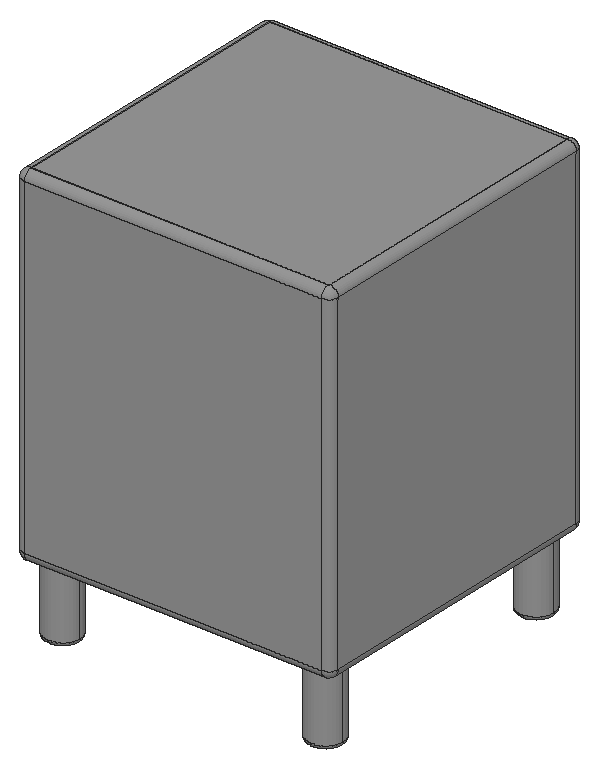
Revit family "990H Square Stool", category Generic Models, Revit 2018
Family settings
  Can host rebar = No
  Round Connector Dimension = Use Diameter
  Part Type = Normal
  Work Plane-Based = No
  Always vertical = Yes
  Cut with Voids When Loaded = No
  Shared = No
  Room Calculation Point = No
Parameters
  Fabric = 990H Fabric
Reference planes (in)
  plane 1 "Center (Front/Back)": y = 0
  plane 2: z = 0
  plane 3 "Center (Left/Right)": x = 0
Forms (in)
  Extrusion 1, solid, material "990H Fabric" <- "Fabric"
    sketch origin (0, 0, 0) x (1, 0, 0) y (0, 1, 0)
      loop
        arc (-8.48027, 8.5) -> (-8.49422, 8.49422) -> (-8.5, 8.48027) r 0.01973
        line (-8.5, 8.48027) -> (-8.5, -8.48027)
        arc (-8.5, -8.48027) -> (-8.49422, -8.49422) -> (-8.48027, -8.5) r 0.01973
        line (-8.48027, -8.5) -> (8.48027, -8.5)
        arc (8.48027, -8.5) -> (8.49422, -8.49422) -> (8.5, -8.48027) r 0.01973
        line (8.5, -8.48027) -> (8.5, 8.48027)
        arc (8.5, 8.48027) -> (8.49422, 8.49422) -> (8.48027, 8.5) r 0.01973
        line (8.48027, 8.5) -> (-8.48027, 8.5)
    from 4 to 24
  Sweep 2, solid, material "990H Fabric" <- "Fabric"
    path origin (0, 0, 0) x (1, 0, 0) y (0, 1, 0)
      loop
        line (-8.48027, -8.5) -> (8.48027, -8.5)
        arc (8.48027, -8.5) -> (8.49422, -8.49422) -> (8.5, -8.48027) r 0.01973
        line (8.5, -8.48027) -> (8.5, 8.48027)
        arc (8.5, 8.48027) -> (8.49422, 8.49422) -> (8.48027, 8.5) r 0.01973
        line (8.48027, 8.5) -> (-8.48027, 8.5)
        arc (-8.48027, 8.5) -> (-8.49422, 8.49422) -> (-8.5, 8.48027) r 0.01973
        line (-8.5, 8.48027) -> (-8.5, -8.48027)
        arc (-8.5, -8.48027) -> (-8.49422, -8.49422) -> (-8.48027, -8.5) r 0.01973
    profile origin (0, -8.5, 0) x (0, 1, 0) y (0, 0, 1)
      loop
        line (0, 4) -> (0, 24)
        arc (0, 24) -> (-0.35355, 23.85355) -> (-0.5, 23.5) r 0.5
        line (-0.5, 23.5) -> (-0.5, 4.5)
        arc (-0.5, 4.5) -> (-0.35355, 4.14645) -> (0, 4) r 0.5
  Revolve 3, solid, material "990L Legs"
    sketch origin (0, -7.5, 0) x (1, 0, 0) y (0, 0, 1)
      loop
        line (-7.5, 4) -> (-7.5, 0) -> (-6.7, 0)
        arc (-6.7, 0) -> (-6.55858, 0.05858) -> (-6.5, 0.2) r 0.2
        line (-6.5, 0.2) -> (-6.5, 4) -> (-7.5, 4)
      axis (-7.5, 4) -> (-7.5, 0)
    angle from 0 to 360
  Revolve 4, solid, material "990L Legs"
    sketch origin (0, 7.5, 0) x (1, 0, 0) y (0, 0, -1)
      loop
        line (-7.5, -4) -> (-6.5, -4) -> (-6.5, -0.2)
        arc (-6.5, -0.2) -> (-6.55858, -0.05858) -> (-6.7, 0) r 0.2
        line (-6.7, 0) -> (-7.5, 0) -> (-7.5, -4)
      axis (-7.5, -4) -> (-7.5, 0)
    angle from 0 to 360
  Revolve 5, solid, material "990L Legs"
    sketch origin (0, 7.5, 0) x (-1, 0, 0) y (0, 0, 1)
      loop
        line (-7.5, 4) -> (-7.5, 0) -> (-6.7, 0)
        arc (-6.7, 0) -> (-6.55858, 0.05858) -> (-6.5, 0.2) r 0.2
        line (-6.5, 0.2) -> (-6.5, 4) -> (-7.5, 4)
      axis (-7.5, 4) -> (-7.5, 0)
    angle from 0 to 360
  Revolve 6, solid, material "990L Legs"
    sketch origin (0, -7.5, 0) x (-1, 0, 0) y (0, 0, -1)
      loop
        line (-7.5, -4) -> (-6.5, -4) -> (-6.5, -0.2)
        arc (-6.5, -0.2) -> (-6.55858, -0.05858) -> (-6.7, 0) r 0.2
        line (-6.7, 0) -> (-7.5, 0) -> (-7.5, -4)
      axis (-7.5, -4) -> (-7.5, 0)
    angle from 0 to 360
Dimensions and locks (in)
  aligned and locked: plane 2 to level
